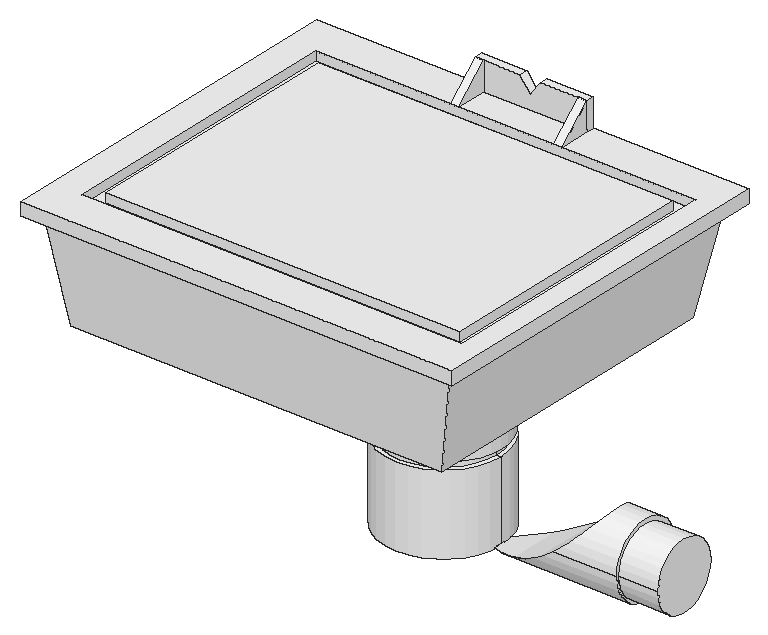
Revit family "HY-5500", category Plumbing Fixtures, host Face, Revit 2026
Family settings
  Host = Face
  Round Connector Dimension = Use Diameter
  Part Type = Normal
  Classification Number = 23.45.55.21
  Enable Cutting in Views = No
  Cut with Voids When Loaded = No
  Maintain Annotation Orientation = No
  Shared = No
  Room Calculation Point = No
Parameters
  WFU = 0
  URL = "www.mifab.com"
  Overall Length = 3.930"
  Model = "MHY-55"
  Manufacturer = "MIFAB"
  Hydrant Material = Chrome Plated
  Description = "Encased Narrow Wall Hydrant"
  Default Elevation = 0.000"
Reference planes (in)
  plane 1 "Center (Front/Back)": y = 0
  plane 2: z = 0
  plane 3 "Center (Left/Right)": x = 0
  plane 4: z = -0.2
  plane 5: z = -1.95
  plane 6: x = 0.96629
  plane 7: z = -2.8212
  plane 8: z = -4.13
Forms (in)
  Extrusion 1, solid, material "Chrome Plated" <- "Hydrant Material"
    sketch origin (-0.41379, 0, -18.00514) x (1, 0, 0) y (0, 1, 0)
      loop
        line (-1.62512, 0.95206) -> (-1.62512, -0.95974) -> (2.64683, -0.95974) -> (2.64683, 0.95206) -> (-1.62512, 0.95206)
    from 16.74065 to 16.30514
  Extrusion 2, solid, material "Chrome Plated" <- "Hydrant Material"
    sketch origin (-0.41379, 0, -18.00514) x (1, 0, 0) y (0, 0, 1)
      loop
        line (-1.398, 16.30514) -> (-1.398, 15.83003) -> (-1.055, 15.83003) -> (-1.055, 15.46996) -> (0.09956, 15.46996)
        arc (0.09956, 15.46996) -> (0.31202, 15.38775) -> (0.41379, 15.18394) r 0.31562
        line (0.41379, 15.18394) -> (1.38, 15.18394) -> (1.38, 16.30514) -> (-1.398, 16.30514)
    from -0.8125 to 0.8125
  Extrusion 3, solid
    sketch origin (-0.41379, 0, -18.00514) x (1, 0, 0) y (0, 1, 0)
      loop
        circle (-0.38412, 0) r 0.739
    from 16.30514 to 16.37894
  Extrusion 4, solid
    sketch origin (-0.41379, 0, -18.00514) x (1, 0, 0) y (0, 1, 0)
      loop
        circle (-0.38412, 0) r 0.70723
    from 16.37894 to 16.74065
  Extrusion 5, solid
    sketch origin (-0.41379, 0, -18.00514) x (1, 0, 0) y (0, 1, 0)
      loop
        circle (-0.38412, 0) r 0.444
    from 16.74065 to 17.43692
  Extrusion 6, solid
    sketch origin (-0.41379, 0, -18.00514) x (1, 0, 0) y (0, 1, 0)
      loop
        line (0.7505, 0) -> (1.06525, -0.54516) -> (1.69475, -0.54516) -> (2.0095, 0) -> (1.69475, 0.54516) -> (1.06525, 0.54516) -> (0.7505, 0)
    from 16.30514 to 16.74065
  Extrusion 7, solid
    sketch origin (1.35033, 0, -18.00514) x (1, 0, 0) y (0, 1, 0)
      loop
        circle (-0.38412, 0) r 0.444
    from 16.74065 to 17.3299
  Extrusion 8, solid, material "Chrome Plated" <- "Hydrant Material"
    sketch origin (-0.61086, 0, -10.36788) x (1, 0, 0) y (0, 1, 0)
      loop
        line (-2.46414, 2.60866) -> (-2.46414, -2.60866) -> (3.68586, -2.60866) -> (3.68586, 2.60866) -> (-2.46414, 2.60866)
    from 10.16788 to 8.66788
  Extrusion 9, solid, material "Chrome Plated" <- "Hydrant Material"
    sketch origin (-0.41379, 0, -10.36788) x (1, 0, 0) y (0, 1, 0)
      loop
        line (-2.86121, 2.80866) -> (-2.86121, -2.80866) -> (3.68879, -2.80866) -> (3.68879, 2.80866) -> (-2.86121, 2.80866)
    from 10.16788 to 10.36788
  Extrusion 10, void
    sketch origin (-0.41379, 0, -10.36788) x (1, 0, 0) y (0, 0, 1)
      loop
        line (3.48879, 10.16788) -> (3.2243, 8.66788) -> (3.48879, 8.66788) -> (3.48879, 10.16788)
      loop
        line (-2.66121, 10.16788) -> (-2.66121, 8.66788) -> (-2.39672, 8.66788) -> (-2.66121, 10.16788)
    from -2.60866 to 2.60866
  Extrusion 11, void
    sketch origin (-0.41379, 0, -10.36788) x (0, 1, 0) y (0, 0, 1)
      loop
        line (2.60866, 10.16788) -> (2.34417, 8.66788) -> (2.60866, 8.66788) -> (2.60866, 10.16788)
      loop
        line (-2.60866, 10.16788) -> (-2.60866, 7.98238) -> (-2.34417, 7.98238) -> (-2.60866, 10.16788)
    from -2.66121 to 3.48879
  Extrusion 12, solid, material "Chrome Plated" <- "Hydrant Material"
    sketch origin (-10.41379, 0, -10.36788) x (0, 1, 0) y (0, 0, 1)
      loop
        circle (0.02322, 6.79825) r 0.55209
    from 14.36303 to 11.38
  Extrusion 13, solid, material "Chrome Plated" <- "Hydrant Material"
    sketch origin (-0.95076, 0, 1.86252) x (0, 1, 0) y (0, 0, 1)
      loop
        circle (0, -5.43216) r 0.5
    from 4.9 to 5.5
  Extrusion 14, solid, material "Chrome Plated" <- "Hydrant Material"
    sketch origin (-0.41371, 0, -18.44065) x (1, 0, 0) y (0, 1, 0)
      loop
        arc (1.38, -0.8125) -> (2.1925, 0) -> (1.38, 0.8125) r 0.8125
        line (1.38, 0.8125) -> (1.38, -0.8125)
    from 15.61945 to 16.74065
  Revolve 15, solid, material "Chrome Plated" <- "Hydrant Material"
    sketch origin (0, 0, 0) x (1, 0, 0) y (0, 0, 1)
      loop
        line (0.07311, -2.8212) -> (0.07311, -2.9212) -> (0.88939, -2.9212) -> (0.88939, -2.8212) -> (0.07311, -2.8212)
      axis (0.88939, -2.9212) -> (0.88939, -2.8212)
    angle from 0 to 360
  Revolve 16, solid, material "Chrome Plated" <- "Hydrant Material"
    sketch origin (0, 0, 0) x (1, 0, 0) y (0, 0, 1)
      loop
        line (0, -2.9212) -> (0, -4.13) -> (0.88939, -4.13) -> (0.88939, -2.9212) -> (0, -2.9212)
      axis (0.88939, -2.9212) -> (0.88939, -4.13)
    angle from 0 to 360
  Extrusion 17, void
    sketch origin (0, 0, 0) x (1, 0, 0) y (0, 0, 1)
      loop
        line (0.96621, -3.01755) -> (0.96621, -4.12173)
        arc (0.96621, -4.12173) -> (2.3947, -3.90897) -> (3.53102, -3.01755) r 2.82302
        line (3.53102, -3.01755) -> (0.96621, -3.01755)
    from -0.8125 to 0.8125
  Extrusion 18, solid, material "Chrome Plated" <- "Hydrant Material"
    sketch origin (-1.06012, 0.04295, -2.50134) x (1, 0, 0) y (0, 0, 1)
      loop
        line (0.2968, 2.50134) -> (1.9762, 2.50134) -> (1.9762, 2.93384) -> (1.28098, 2.93384) -> (1.13208, 2.73242) -> (0.96898, 2.93384) -> (0.2968, 2.93384) -> (0.2968, 2.50134)
    from -2.7657 to -2.6454
  Extrusion 19, solid, material "Chrome Plated" <- "Hydrant Material"
    sketch origin (-1.06012, 0.04295, -2.50134) x (0, 1, 0) y (0, 0, 1)
      loop
        line (2.6454, 2.93384) -> (2.17714, 2.50134) -> (2.6454, 2.50134) -> (2.6454, 2.93384)
    from 0.2968 to 0.4165
  Extrusion 20, solid, material "Chrome Plated" <- "Hydrant Material"
    sketch origin (1.20405, 0.04295, -2.50134) x (0, 1, 0) y (0, 0, -1)
      loop
        line (2.6454, -2.93384) -> (2.6454, -2.50134) -> (2.17714, -2.50134) -> (2.6454, -2.93384)
    from 0.28797 to 0.40767
  Extrusion 21, void
    sketch origin (0.07197, 0, 0) x (1, 0, 0) y (0, 1, 0)
      loop
        line (-2.88203, 2.22009) -> (-2.88203, -2.22009) -> (2.88203, -2.22009) -> (2.88203, 2.22009) -> (-2.88203, 2.22009)
      loop
        line (-2.68203, 2.02009) -> (-2.68203, -2.02009) -> (2.68203, -2.02009) -> (2.68203, 2.02009) -> (-2.68203, 2.02009)
    from 0 to -0.13364
Cuts and joins
  Extrusion 21 cuts Extrusion 1
  Extrusion 21 cuts Extrusion 2
  Extrusion 10, Extrusion 11, Extrusion 21 cuts Extrusion 8
  Extrusion 21 cuts Extrusion 9
  Extrusion 17, Extrusion 21 cuts Extrusion 12
  Extrusion 17, Extrusion 21 cuts Extrusion 13
  Extrusion 21 cuts Revolve 16
  joined: Extrusion 1, Extrusion 2, Extrusion 8, Extrusion 9, Extrusion 12, Extrusion 13, Revolve 16
Lines and regions (in)
  symbolic lines, style "PlumbingFixtures"
    curve 1: line (-3.38528, 2.8125, 0) -> (3.36472, 2.8125, 0)
    curve 2: line (-3.38528, -2.8125, 0) -> (-3.38528, 2.8125, 0)
    curve 3: line (3.36472, -2.8125, 0) -> (-3.38528, -2.8125, 0)
    curve 4: line (3.36472, 2.8125, 0) -> (3.36472, -2.8125, 0)
Dimensions and locks (in)
  locked: Extrusion 9 sketch curve to Extrusion 9 sketch curve at 5.61731
  locked: Extrusion 9 sketch curve to Extrusion 9 sketch curve at 6.55
  locked: Extrusion 9 to Extrusion 9 at 0.2
  Extrusion 9 sketch curve to Extrusion 9 sketch curve = 5.61731"
  curve 2 to curve 4 = 6.750"  (x2)
  curve 4 to curve 2 = 6.750"
  Revolve 15 sketch curve to Revolve 15 sketch curve = 0.100"
  "Overall Length": plane 4 to cut or joined group 1 (Extrusion 1, Extrusion 2, Extrusion 8, Extrusion 9, Extrusion 10, Extrusion 11, Extrusion 12, Extrusion 13, Revolve 16, Extrusion 17, Extrusion 21)
  aligned and locked: plane 2 to host face
  aligned and locked: level to host face
  aligned and locked: Extrusion 1 to Extrusion 8
  aligned and locked: Extrusion 9 to Extrusion 8
  aligned and locked: Extrusion 10 to Extrusion 8
  aligned and locked: Extrusion 11 to Extrusion 8
  aligned and locked: Extrusion 9 to plane 4
  aligned and locked: Extrusion 3 to Extrusion 1
  aligned and locked: Extrusion 1 to Extrusion 6
  aligned and locked: Extrusion 3 to Extrusion 6
  aligned and locked: Extrusion 4 to Extrusion 3
  aligned and locked: Extrusion 4 to Extrusion 5
  aligned and locked: Extrusion 5 to Extrusion 6
  aligned and locked: Extrusion 4 to Extrusion 7
  aligned and locked: Extrusion 6 to Extrusion 4
  aligned and locked: plane 4 to Extrusion 9
  aligned and locked: level to Extrusion 9
  aligned and locked: host face to Extrusion 9
  aligned and locked: host face to cut or joined group 1
  aligned and locked: host face to Extrusion 4
  aligned and locked: Extrusion 2 to Extrusion 1
  aligned and locked: plane 6 to Extrusion 14
  aligned and locked: plane 7 to cut or joined group 1
  aligned and locked: cut or joined group 1 to Extrusion 14
  aligned and locked: Revolve 16 sketch curve to Revolve 16 sketch curve
  aligned and locked: Revolve 16 sketch curve to Revolve 15
  aligned and locked: Extrusion 2 to Extrusion 12
Automatic sketch dimensions
  curve 1 to plane 3 "Center (Left/Right)" = 3.38528"
  plane 1 "Center (Front/Back)" to curve 4 = 2.8125"
  curve 1 to plane 1 "Center (Front/Back)" = 2.8125"
  host sketch curve to host sketch curve = 20.58785"
  host sketch curve to host sketch curve = 16.42037"
  Extrusion 1 sketch curve to plane 1 "Center (Front/Back)" = 0.95206"
  Extrusion 1 sketch curve to plane 3 "Center (Left/Right)" = 2.03891"
  plane 1 "Center (Front/Back)" to Extrusion 1 sketch curve = 0.95974"
  plane 3 "Center (Left/Right)" to Extrusion 1 sketch curve = 2.23304"
  Extrusion 2 sketch curve to plane 3 "Center (Left/Right)" = 0.000"
  Extrusion 2 sketch curve to plane 7 = 0.000"
  plane 7 to Extrusion 2 sketch curve = 0.28602"
  Extrusion 2 sketch curve to plane 3 "Center (Left/Right)" = 0.31423"
  Extrusion 2 sketch curve to plane 5 = 0.22511"
  Extrusion 2 sketch curve to Extrusion 2 sketch curve = 1.15456"
  plane 5 to Extrusion 2 sketch curve = 0.250"
  Extrusion 2 sketch curve to Extrusion 2 sketch curve = 0.343"
  plane 3 "Center (Left/Right)" to Extrusion 2 sketch curve = 0.96621"
  plane 1 "Center (Front/Back)" to Extrusion 3 sketch curve = 0.000"
  Extrusion 3 sketch curve to plane 3 "Center (Left/Right)" = 0.79791"
  plane 1 "Center (Front/Back)" to Extrusion 4 sketch curve = 0.000"
  Extrusion 4 sketch curve to plane 3 "Center (Left/Right)" = 0.79791"
  plane 1 "Center (Front/Back)" to Extrusion 5 sketch curve = 0.000"
  Extrusion 5 sketch curve to plane 3 "Center (Left/Right)" = 0.79791"
  plane 1 "Center (Front/Back)" to Extrusion 6 sketch curve = 0.000"  (x2)
  plane 3 "Center (Left/Right)" to Extrusion 6 sketch curve = 0.33671"
  plane 1 "Center (Front/Back)" to Extrusion 6 sketch curve = 0.54516"
  Extrusion 6 sketch curve to Extrusion 6 sketch curve = 0.31475"  (x3)
  Extrusion 6 sketch curve to plane 1 "Center (Front/Back)" = 0.54516"
  Extrusion 6 sketch curve to Extrusion 6 sketch curve = 0.6295"  (x2)
  plane 1 "Center (Front/Back)" to Extrusion 7 sketch curve = 0.000"
  plane 3 "Center (Left/Right)" to Extrusion 7 sketch curve = 0.96621"
  Extrusion 8 sketch curve to plane 3 "Center (Left/Right)" = 3.075"
  plane 1 "Center (Front/Back)" to Extrusion 8 sketch curve = 2.60866"
  plane 3 "Center (Left/Right)" to Extrusion 8 sketch curve = 3.075"
  Extrusion 8 sketch curve to plane 1 "Center (Front/Back)" = 2.60866"
  Extrusion 9 sketch curve to plane 3 "Center (Left/Right)" = 3.275"
  plane 1 "Center (Front/Back)" to Extrusion 9 sketch curve = 2.80866"
  Extrusion 10 sketch curve to plane 4 = 0.000"  (x2)
  Extrusion 10 sketch curve to plane 3 "Center (Left/Right)" = 3.075"
  plane 5 to Extrusion 10 sketch curve = 0.250"  (x2)
  Extrusion 10 sketch curve to Extrusion 10 sketch curve = 0.26449"  (x2)
  plane 3 "Center (Left/Right)" to Extrusion 10 sketch curve = 2.81051"
  Extrusion 11 sketch curve to plane 4 = 0.000"  (x2)
  plane 1 "Center (Front/Back)" to Extrusion 11 sketch curve = 2.60866"
  Extrusion 11 sketch curve to plane 5 = 0.43551"
  Extrusion 11 sketch curve to Extrusion 11 sketch curve = 0.26449"  (x2)
  plane 5 to Extrusion 11 sketch curve = 0.250"
  Extrusion 11 sketch curve to plane 1 "Center (Front/Back)" = 2.34417"
  Extrusion 12 sketch curve to plane 1 "Center (Front/Back)" = 0.02322"
  plane 8 to Extrusion 12 sketch curve = 0.56036"
  Extrusion 13 sketch curve to plane 1 "Center (Front/Back)" = 0.000"
  plane 8 to Extrusion 13 sketch curve = 0.56036"
  plane 3 "Center (Left/Right)" to Extrusion 14 sketch curve = 0.96629"
  plane 1 "Center (Front/Back)" to Extrusion 14 sketch curve = 0.8125"
  plane 1 "Center (Front/Back)" to Extrusion 14 sketch curve = 0.000"
  Revolve 15 sketch curve to plane 7 = 0.000"
  plane 3 "Center (Left/Right)" to Revolve 15 sketch curve = 0.07311"
  Revolve 15 sketch curve to plane 6 = 0.07689"
  Revolve 15 sketch curve to Revolve 15 sketch curve = 0.000"
  Revolve 15 sketch curve to plane 8 = 0.20051"
  Revolve 15 sketch curve to Revolve 15 sketch curve = 0.06335"
  Revolve 16 sketch curve to plane 3 "Center (Left/Right)" = 0.000"
  Revolve 16 sketch curve to plane 8 = 0.000"
  Revolve 16 sketch curve to plane 7 = 0.000"
  plane 3 "Center (Left/Right)" to Revolve 16 sketch curve = 0.88939"
  Revolve 16 sketch curve to plane 8 = 0.30626"
  plane 8 to Extrusion 17 sketch curve = 0.00827"
  plane 3 "Center (Left/Right)" to Extrusion 17 sketch curve = 0.96621"
  Extrusion 17 sketch curve to plane 7 = 0.19635"
  Extrusion 17 sketch curve to Extrusion 17 sketch curve = 2.56481"
  plane 5 to Extrusion 17 sketch curve = 0.63397"
  Extrusion 18 sketch curve to level = 0.000"
  Extrusion 18 sketch curve to plane 3 "Center (Left/Right)" = 0.76332"
  plane 3 "Center (Left/Right)" to Extrusion 18 sketch curve = 0.07197"
  level to Extrusion 18 sketch curve = 0.23109"
  Extrusion 18 sketch curve to plane 3 "Center (Left/Right)" = 0.09114"
  plane 3 "Center (Left/Right)" to Extrusion 18 sketch curve = 0.22086"
  Extrusion 18 sketch curve to Extrusion 18 sketch curve = 0.69522"
  Extrusion 18 sketch curve to Extrusion 18 sketch curve = 0.20141"  (x2)
  Extrusion 19 sketch curve to level = 0.000"
  Extrusion 19 sketch curve to plane 1 "Center (Front/Back)" = 2.22009"
  level to Extrusion 19 sketch curve = 0.4325"
  Extrusion 19 sketch curve to Extrusion 19 sketch curve = 0.46827"
  Extrusion 20 sketch curve to level = 0.000"
  Extrusion 20 sketch curve to plane 1 "Center (Front/Back)" = 2.22009"
  level to Extrusion 20 sketch curve = 0.4325"
  Extrusion 20 sketch curve to Extrusion 20 sketch curve = 0.46827"
  Extrusion 21 sketch curve to plane 3 "Center (Left/Right)" = 2.81006"
  plane 1 "Center (Front/Back)" to Extrusion 21 sketch curve = 2.22009"
  Extrusion 21 sketch curve to Extrusion 21 sketch curve = 0.200"  (x4)
  plane 3 "Center (Left/Right)" to Extrusion 21 sketch curve = 2.754"
  Extrusion 21 sketch curve to plane 1 "Center (Front/Back)" = 2.02009"
  radius of Extrusion 3 sketch curve = 0.739"
  radius of Extrusion 4 sketch curve = 0.70723"
  radius of Extrusion 5 sketch curve = 0.444"
  radius of Extrusion 7 sketch curve = 0.444"
  radius of Extrusion 12 sketch curve = 0.55209"
  radius of Extrusion 13 sketch curve = 0.500"
Connectors (in)
  piping at (4.54924, 0, -3.56964), diameter 1
    settings: on Extrusion 13, index 3, connector inside diameter 1", connector length 0.000", flow factor 0, pipe flow 0 GPM, pressure drop 0.00 psi, fitting loss kfactor 0, connector angle 0.00°, fixture units 0, engagement length 0.000", angle of deflection 0.00°, flow configuration 0, flow direction 0, fitting loss method 0, system type 7, joint type 0, gender type 0, connector reference index -1, connector utility 0, adjustable connector no, is connector primary yes, connector description "Inlet"
  piping at (-0.79791, 0, -0.56822), diameter 0.75
    settings: on Extrusion 5, index 4, connector inside diameter 3/4", connector length 0.000", flow factor 0, pipe flow 0 GPM, pressure drop 0.00 psi, fitting loss kfactor 0, connector angle 0.00°, fixture units 0, engagement length 0.000", angle of deflection 0.00°, flow configuration 0, flow direction 0, fitting loss method 0, system type 7, joint type 0, gender type 0, connector reference index -1, connector utility 0, adjustable connector no, is connector primary no, connector description "Male Hose"
